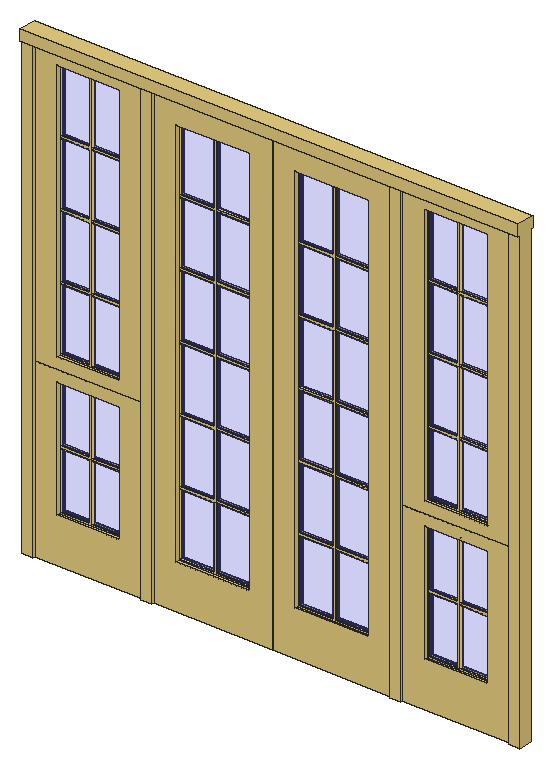
Revit family "DAL_A3-DTI-SL6", category Doors, host Wall, Revit 2016
Family settings
  Host = Wall
  Always vertical = Yes
  Cut with Voids When Loaded = No
  Shared = No
  Room Calculation Point = No
Parameters (values of type "SL6")
  URL = "www.acdoors.co.za"
  Panel Thickness = 44 mm
  Panel Material = Meranti Wood
  Panel Height = Height - Frame Width  # 2032 mm
  Offset = 100 mm
  Model = "AC Combination Sidelights"
  Middle = (Width / 4) - (Frame Width / 2)  # 526 mm
  Manufacturer Code = "SL6"
  Manufacturer = "AC Doors"
  Height = 2080 mm
  Wall Closure = By host
  Width = 2200 mm
  Glass Material = Glass
  Function = Interior
  Frame Width = 48 mm
  Frame Thickness = 60 mm
  Frame Material = Meranti Wood
  Assembly Code = "B2030230"
Reference planes
  plane 1 "Center": y = 0
  plane 2 "Center (Left/Right)": x = 0
  plane 3 "Left": x = -1100
  plane 4 "Right": x = 1100
  plane 5: z = 2080
  plane 6 "Exterior": y = 75
  plane 7 "Interior": y = -75
  plane 8: x = -550
  plane 9: x = 550
  plane 10: x = -1052
  plane 11: x = -574
  plane 12: x = 1052
  plane 13: x = -526
  plane 14: x = 526
  plane 15: x = 574
  plane 16: x = -263
  plane 17: x = 263
  plane 18: x = -813
  plane 19: x = 813
  plane 20: z = 463.667
  plane 21: z = 1116
  plane 22: z = 1404.667
  plane 23: z = 1693.333
  plane 24: z = 1982
  plane 25: z = 200
  plane 26: z = 727.333
  plane 27: z = 827.333
  plane 28: z = 777.333
  plane 29: z = 1932
  plane 30: z = 2032
  plane 31: z = 1643.333
  plane 32: z = 1354.667
  plane 33: z = 1066
  plane 34: z = 488.667
Forms (mm)
  Sweep 1, solid, material "Meranti Wood" <- "Frame Material", detail levels medium+fine
    path origin (0, 0, 0) x (1, 0, 0) y (0, 0, 1)
      loop
        line (1100, 2080) -> (1100, 0)
    profile origin (1100, 0, 1040) x (0, -1, 0) y (1, 0, 0)
      loop
        line (-30, -48) -> (30, -48) -> (30, 0) -> (-30, 0) -> (-30, -48)
  Sweep 2, solid, material "Meranti Wood" <- "Frame Material", detail levels medium+fine
    path origin (0, 0, 0) x (1, 0, 0) y (0, 0, 1)
      loop
        line (-1100, 0) -> (-1100, 2080)
    profile origin (-1100, 0, 1040) x (-1, 0, 0) y (0, -1, 0)
      loop
        line (0, -30) -> (0, 30) -> (-48, 30) -> (-48, -30) -> (0, -30)
  Sweep 3, solid, material "Meranti Wood" <- "Frame Material", detail levels medium+fine
    path origin (0, 0, 0) x (1, 0, 0) y (0, 0, 1)
      loop
        line (550, 0) -> (550, 2080)
    profile origin (550, 0, 1040) x (-1, 0, 0) y (0, -1, 0)
      loop
        line (24, -30) -> (24, 30) -> (-24, 30) -> (-24, -30) -> (24, -30)
  Sweep 4, solid, material "Meranti Wood" <- "Frame Material", detail levels medium+fine
    path origin (0, 0, 0) x (1, 0, 0) y (0, 0, 1)
      loop
        line (-550, 0) -> (-550, 2080)
    profile origin (-550, 0, 1040) x (-1, 0, 0) y (0, -1, 0)
      loop
        line (24, -30) -> (24, 30) -> (-24, 30) -> (-24, -30) -> (24, -30)
  Sweep 5, solid, material "Meranti Wood" <- "Frame Material", detail levels medium+fine
    path origin (0, 0, 0) x (1, 0, 0) y (0, 0, 1)
      loop
        line (1100, 2080) -> (-1100, 2080)
    profile origin (0, 0, 2080) x (0, 0, -1) y (0, -1, 0)
      loop
        line (0, -40) -> (48, -40) -> (48, 40) -> (0, 40) -> (0, -40)
  Extrusion 6, solid, material "Meranti Wood" <- "Frame Material", detail levels medium+fine
    sketch origin (0, 0, 0) x (1, 0, 0) y (0, 0, 1)
      loop
        line (574, 777.333) -> (574, 0) -> (1052, 0) -> (1052, 777.333) -> (574, 777.333)
      loop
        line (952, 727.333) -> (674, 727.333) -> (674, 200) -> (952, 200) -> (952, 727.333)
    from -22 to 22
  Extrusion 7, solid, material "Meranti Wood" <- "Frame Material", detail levels medium+fine
    sketch origin (0, 0, 0) x (1, 0, 0) y (0, 0, 1)
      loop
        line (1052, 2032) -> (574, 2032) -> (574, 777.333) -> (1052, 777.333) -> (1052, 2032)
      loop
        line (952, 1982) -> (674, 1982) -> (674, 827.333) -> (952, 827.333) -> (952, 1982)
    from -22 to 22
  Extrusion 8, solid, material "Meranti Wood" <- "Frame Material", detail levels medium+fine
    sketch origin (-1640, 0, 0) x (1, 0, 0) y (0, 0, 1)
      loop
        line (588, 777.333) -> (588, 0) -> (1066, 0) -> (1066, 777.333) -> (588, 777.333)
      loop
        line (966, 727.333) -> (688, 727.333) -> (688, 200) -> (966, 200) -> (966, 727.333)
    from -22 to 22
  Extrusion 9, solid, material "Meranti Wood" <- "Frame Material", detail levels medium+fine
    sketch origin (-1640, 0, 0) x (1, 0, 0) y (0, 0, 1)
      loop
        line (1066, 2032) -> (588, 2032) -> (588, 777.333) -> (1066, 777.333) -> (1066, 2032)
      loop
        line (966, 1982) -> (688, 1982) -> (688, 827.333) -> (966, 827.333) -> (966, 1982)
    from -22 to 22
  Sweep 10, solid, material "Meranti Wood" <- "Frame Material", detail levels medium+fine
    path origin (0, 0, 0) x (1, 0, 0) y (0, 0, 1)
      loop
        line (952, 463.667) -> (674, 463.667)
    profile "Glass Divider profile : Glass Divider profile" origin (813, 0, 463.667) x (0, 0, -1) y (0, -1, 0)
      loop
        line (0, 8) -> (-4.45, 8) -> (-8.45, 4) -> (-4.873, 4) -> (-4.873, -4) -> (-8.45, -4) -> (-4.45, -8) -> (0, -8) -> (4.45, -8) -> (8.45, -4) -> (4.873, -4) -> (4.873, 4) -> (8.45, 4) -> (4.45, 8) -> (0, 8)
  Sweep 11, solid, material "Meranti Wood" <- "Frame Material", detail levels medium+fine
    path origin (0, 0, 660) x (1, 0, 0) y (0, 0, 1)
      loop
        line (952, 456) -> (674, 456)
    profile "Glass Divider profile : Glass Divider profile" origin (813, 0, 1116) x (0, 0, -1) y (0, -1, 0)
      loop
        line (0, 8) -> (-4.45, 8) -> (-8.45, 4) -> (-4.873, 4) -> (-4.873, -4) -> (-8.45, -4) -> (-4.45, -8) -> (0, -8) -> (4.45, -8) -> (8.45, -4) -> (4.873, -4) -> (4.873, 4) -> (8.45, 4) -> (4.45, 8) -> (0, 8)
  Sweep 12, solid, material "Meranti Wood" <- "Frame Material", detail levels medium+fine
    path origin (0, 0, 900) x (1, 0, 0) y (0, 0, 1)
      loop
        line (952, 504.667) -> (674, 504.667)
    profile "Glass Divider profile : Glass Divider profile" origin (813, 0, 1404.667) x (0, 0, -1) y (0, -1, 0)
      loop
        line (0, 8) -> (-4.45, 8) -> (-8.45, 4) -> (-4.873, 4) -> (-4.873, -4) -> (-8.45, -4) -> (-4.45, -8) -> (0, -8) -> (4.45, -8) -> (8.45, -4) -> (4.873, -4) -> (4.873, 4) -> (8.45, 4) -> (4.45, 8) -> (0, 8)
  Sweep 13, solid, material "Meranti Wood" <- "Frame Material", detail levels medium+fine
    path origin (0, 0, 1180) x (1, 0, 0) y (0, 0, 1)
      loop
        line (952, 513.333) -> (674, 513.333)
    profile "Glass Divider profile : Glass Divider profile" origin (813, 0, 1693.333) x (0, 0, -1) y (0, -1, 0)
      loop
        line (0, 8) -> (-4.45, 8) -> (-8.45, 4) -> (-4.873, 4) -> (-4.873, -4) -> (-8.45, -4) -> (-4.45, -8) -> (0, -8) -> (4.45, -8) -> (8.45, -4) -> (4.873, -4) -> (4.873, 4) -> (8.45, 4) -> (4.45, 8) -> (0, 8)
  Sweep 14, solid, material "Meranti Wood" <- "Frame Material", detail levels medium+fine
    path origin (0, 0, 0) x (1, 0, 0) y (0, 0, 1)
      loop
        line (813, 200) -> (813, 727.333)
    profile "Glass Divider profile : Glass Divider profile" origin (813, 0, 463.667) x (-1, 0, 0) y (0, -1, 0)
      loop
        line (0, 8) -> (-4.45, 8) -> (-8.45, 4) -> (-4.873, 4) -> (-4.873, -4) -> (-8.45, -4) -> (-4.45, -8) -> (0, -8) -> (4.45, -8) -> (8.45, -4) -> (4.873, -4) -> (4.873, 4) -> (8.45, 4) -> (4.45, 8) -> (0, 8)
  Sweep 15, solid, material "Meranti Wood" <- "Frame Material", detail levels medium+fine
    path origin (0, 0, 0) x (1, 0, 0) y (0, 0, 1)
      loop
        line (813, 827.333) -> (813, 1982)
    profile "Glass Divider profile : Glass Divider profile" origin (813, 0, 1404.667) x (-1, 0, 0) y (0, -1, 0)
      loop
        line (0, 8) -> (-4.45, 8) -> (-8.45, 4) -> (-4.873, 4) -> (-4.873, -4) -> (-8.45, -4) -> (-4.45, -8) -> (0, -8) -> (4.45, -8) -> (8.45, -4) -> (4.873, -4) -> (4.873, 4) -> (8.45, 4) -> (4.45, 8) -> (0, 8)
  Sweep 16, solid, material "Meranti Wood" <- "Frame Material", detail levels medium+fine
    path origin (0, 0, 0) x (1, 0, 0) y (0, 0, 1)
      loop
        line (952, 1982) -> (674, 1982) -> (674, 827.333) -> (952, 827.333) -> (952, 1982)
    profile "Glass Suppurt profile : Glass Suppurt profile" origin (813, 0, 1982) x (0, 0, -1) y (0, -1, 0)
      loop
        line (0, -8) -> (4.45, -8) -> (8.45, -4) -> (4.873, -4) -> (4.873, 4) -> (8.45, 4) -> (4.45, 8) -> (0, 8) -> (0, -8)
  Sweep 17, solid, material "Meranti Wood" <- "Frame Material", detail levels medium+fine
    path origin (0, 0, 0) x (1, 0, 0) y (0, 0, 1)
      loop
        line (952, 727.333) -> (674, 727.333) -> (674, 200) -> (952, 200) -> (952, 727.333)
    profile "Glass Suppurt profile : Glass Suppurt profile" origin (813, 0, 727.333) x (0, 0, -1) y (0, -1, 0)
      loop
        line (0, -8) -> (4.45, -8) -> (8.45, -4) -> (4.873, -4) -> (4.873, 4) -> (8.45, 4) -> (4.45, 8) -> (0, 8) -> (0, -8)
  Sweep 18, solid, material "Meranti Wood" <- "Frame Material", detail levels medium+fine
    path origin (-1619.013, 0, -56.537) x (1, 0, 0) y (0, 0, 1)
      loop
        line (945.013, 520.204) -> (667.013, 520.204)
    profile "Glass Divider profile : Glass Divider profile" origin (-813, 0, 463.667) x (0, 0, -1) y (0, -1, 0)
      loop
        line (0, 8) -> (-4.45, 8) -> (-8.45, 4) -> (-4.873, 4) -> (-4.873, -4) -> (-8.45, -4) -> (-4.45, -8) -> (0, -8) -> (4.45, -8) -> (8.45, -4) -> (4.873, -4) -> (4.873, 4) -> (8.45, 4) -> (4.45, 8) -> (0, 8)
  Sweep 19, solid, material "Meranti Wood" <- "Frame Material", detail levels medium+fine
    path origin (-1619.013, 0, 603.463) x (1, 0, 0) y (0, 0, 1)
      loop
        line (945.013, 512.537) -> (667.013, 512.537)
    profile "Glass Divider profile : Glass Divider profile" origin (-813, 0, 1116) x (0, 0, -1) y (0, -1, 0)
      loop
        line (0, 8) -> (-4.45, 8) -> (-8.45, 4) -> (-4.873, 4) -> (-4.873, -4) -> (-8.45, -4) -> (-4.45, -8) -> (0, -8) -> (4.45, -8) -> (8.45, -4) -> (4.873, -4) -> (4.873, 4) -> (8.45, 4) -> (4.45, 8) -> (0, 8)
  Sweep 20, solid, material "Meranti Wood" <- "Frame Material", detail levels medium+fine
    path origin (-1619.013, 0, 843.463) x (1, 0, 0) y (0, 0, 1)
      loop
        line (945.013, 561.204) -> (667.013, 561.204)
    profile "Glass Divider profile : Glass Divider profile" origin (-813, 0, 1404.667) x (0, 0, -1) y (0, -1, 0)
      loop
        line (0, 8) -> (-4.45, 8) -> (-8.45, 4) -> (-4.873, 4) -> (-4.873, -4) -> (-8.45, -4) -> (-4.45, -8) -> (0, -8) -> (4.45, -8) -> (8.45, -4) -> (4.873, -4) -> (4.873, 4) -> (8.45, 4) -> (4.45, 8) -> (0, 8)
  Sweep 21, solid, material "Meranti Wood" <- "Frame Material", detail levels medium+fine
    path origin (-1619.013, 0, 1123.463) x (1, 0, 0) y (0, 0, 1)
      loop
        line (945.013, 569.871) -> (667.013, 569.871)
    profile "Glass Divider profile : Glass Divider profile" origin (-813, 0, 1693.333) x (0, 0, -1) y (0, -1, 0)
      loop
        line (0, 8) -> (-4.45, 8) -> (-8.45, 4) -> (-4.873, 4) -> (-4.873, -4) -> (-8.45, -4) -> (-4.45, -8) -> (0, -8) -> (4.45, -8) -> (8.45, -4) -> (4.873, -4) -> (4.873, 4) -> (8.45, 4) -> (4.45, 8) -> (0, 8)
  Sweep 22, solid, material "Meranti Wood" <- "Frame Material", detail levels medium+fine
    path origin (-1619.013, 0, -56.537) x (1, 0, 0) y (0, 0, 1)
      loop
        line (806.013, 256.537) -> (806.013, 783.871)
    profile "Glass Divider profile : Glass Divider profile" origin (-813, 0, 463.667) x (-1, 0, 0) y (0, -1, 0)
      loop
        line (0, 8) -> (-4.45, 8) -> (-8.45, 4) -> (-4.873, 4) -> (-4.873, -4) -> (-8.45, -4) -> (-4.45, -8) -> (0, -8) -> (4.45, -8) -> (8.45, -4) -> (4.873, -4) -> (4.873, 4) -> (8.45, 4) -> (4.45, 8) -> (0, 8)
  Sweep 23, solid, material "Meranti Wood" <- "Frame Material", detail levels medium+fine
    path origin (-1619.013, 0, -56.537) x (1, 0, 0) y (0, 0, 1)
      loop
        line (806.013, 883.871) -> (806.013, 2038.537)
    profile "Glass Divider profile : Glass Divider profile" origin (-813, 0, 1404.667) x (-1, 0, 0) y (0, -1, 0)
      loop
        line (0, 8) -> (-4.45, 8) -> (-8.45, 4) -> (-4.873, 4) -> (-4.873, -4) -> (-8.45, -4) -> (-4.45, -8) -> (0, -8) -> (4.45, -8) -> (8.45, -4) -> (4.873, -4) -> (4.873, 4) -> (8.45, 4) -> (4.45, 8) -> (0, 8)
  Sweep 24, solid, material "Meranti Wood" <- "Frame Material", detail levels medium+fine
    path origin (-1619.013, 0, -56.537) x (1, 0, 0) y (0, 0, 1)
      loop
        line (945.013, 2038.537) -> (667.013, 2038.537) -> (667.013, 883.871) -> (945.013, 883.871) -> (945.013, 2038.537)
    profile "Glass Suppurt profile : Glass Suppurt profile" origin (-813, 0, 1982) x (0, 0, -1) y (0, -1, 0)
      loop
        line (0, -8) -> (4.45, -8) -> (8.45, -4) -> (4.873, -4) -> (4.873, 4) -> (8.45, 4) -> (4.45, 8) -> (0, 8) -> (0, -8)
  Sweep 25, solid, material "Meranti Wood" <- "Frame Material", detail levels medium+fine
    path origin (-1619.013, 0, -56.537) x (1, 0, 0) y (0, 0, 1)
      loop
        line (945.013, 783.871) -> (667.013, 783.871) -> (667.013, 256.537) -> (945.013, 256.537) -> (945.013, 783.871)
    profile "Glass Suppurt profile : Glass Suppurt profile" origin (-813, 0, 727.333) x (0, 0, -1) y (0, -1, 0)
      loop
        line (0, -8) -> (4.45, -8) -> (8.45, -4) -> (4.873, -4) -> (4.873, 4) -> (8.45, 4) -> (4.45, 8) -> (0, 8) -> (0, -8)
  Extrusion 26, solid, material "Glass" <- "Glass Material", detail levels medium+fine
    sketch origin (0, 0, 0) x (1, 0, 0) y (0, 1, 0)
      loop
        line (-947.127, 4) -> (-947.127, -4) -> (-817.873, -4) -> (-817.873, 4) -> (-947.127, 4)
      loop
        line (-808.127, 4) -> (-808.127, -4) -> (-678.873, -4) -> (-678.873, 4) -> (-808.127, 4)
      loop
        line (678.873, 4) -> (678.873, -4) -> (808.127, -4) -> (808.127, 4) -> (678.873, 4)
      loop
        line (817.873, 4) -> (817.873, -4) -> (947.127, -4) -> (947.127, 4) -> (817.873, 4)
    from 204.873 to 1977.127
Cuts and joins
  joined: Sweep 1, Sweep 2, Sweep 3, Sweep 4, Sweep 5
  joined: Sweep 10, Sweep 14, Sweep 17
  joined: Sweep 11, Sweep 12, Sweep 13, Sweep 15, Sweep 16
  joined: Sweep 18, Sweep 22, Sweep 25
  joined: Sweep 19, Sweep 20, Sweep 21, Sweep 23, Sweep 24
Lines and regions (mm)
  Opening 1
    outline origin (-3050, -75, 0) x (1, 0, 0) y (0, 0, 1)
      loop
        line (1950, 0) -> (4150, 0) -> (4150, 2080) -> (1950, 2080) -> (1950, 0)
  symbolic lines, style "Elevation Swing"
    curve 1: line (526, 0, 2032) -> (0, 0, 1016)
    curve 2: line (526, 0, 0) -> (0, 0, 1016)
    curve 3: line (-526, 0, 2032) -> (0, 0, 1016)
    curve 4: line (-526, 0, 0) -> (0, 0, 1016)
  symbolic lines, style "Plan Swing"
    curve 5: line (-526, 22, 0) -> (-526, 548, 0)
    curve 6: line (-482, 22, 0) -> (-482, 548, 0)
    curve 7: line (-482, 548, 0) -> (-526, 548, 0)
    curve 8: line (526, 22, 0) -> (526, 548, 0)
    curve 9: line (526, 548, 0) -> (482, 548, 0)
    curve 10: line (482, 548, 0) -> (482, 22, 0)
    curve 11: arc (-526, 548, 0) -> (-154.062, 393.938, 0) -> (0, 22, 0) r 526
    curve 12: arc (526, 548, 0) -> (154.062, 393.938, 0) -> (0, 22, 0) r 526
Text (mm)
  text "Exterior" at (-2295.016, 1099.543, 0), in view "Ref. Level"
  text "Exterior" at (0, 1615.38, 3698.081), in view "Left"
  text "Exterior" at (0, 1036.032, 3874.932), in view "Right"
Dimensions and locks
  equal spacing: plane 3 "Left", plane 8, plane 2 "Center (Left/Right)", plane 9, plane 4 "Right"
  "Width": plane 3 "Left" to plane 4 "Right"
  "Height": plane 5 to host wall
  locked: plane 6 "Exterior" to host wall at 0
  locked: plane 7 "Interior" to host wall
  "Frame Width": plane 3 "Left" to plane 10
  equal spacing: plane 11, plane 8, plane 13
  equal spacing: plane 14, plane 9, plane 15
  "Frame Width": plane 12 to plane 4 "Right"
  "Frame Width": plane 14 to plane 15
  "Frame Width": plane 11 to plane 13
  equal spacing: Sweep 1 sketch curve, profile plane, Sweep 1 sketch curve
  "Frame Thickness": Sweep 1 sketch curve to Sweep 1 sketch curve
  equal spacing: Sweep 2 sketch curve, profile plane, Sweep 2 sketch curve
  "Frame Thickness": Sweep 2 sketch curve to Sweep 2 sketch curve
  equal spacing: Sweep 3 sketch curve, profile plane, Sweep 3 sketch curve
  "Frame Thickness": Sweep 3 sketch curve to Sweep 3 sketch curve
  equal spacing: Sweep 4 sketch curve, profile plane, Sweep 4 sketch curve
  "Frame Thickness": Sweep 4 sketch curve to Sweep 4 sketch curve
  "Frame Width": Sweep 5 sketch curve to Sweep 5 sketch curve
  locked: Sweep 5 sketch curve to Sweep 2 at 10
  locked: Sweep 2 to Sweep 5 sketch curve at 10
  equal spacing: plane 13, plane 16, plane 2 "Center (Left/Right)"
  equal spacing: plane 2 "Center (Left/Right)", plane 17, plane 14
  equal spacing: plane 10, plane 18, plane 11
  equal spacing: plane 12, plane 19, plane 15
  locked: Extrusion 6 sketch curve to Extrusion 6 sketch curve at 50
  "Offset": Extrusion 6 sketch curve to Extrusion 6 sketch curve  (x2)
  locked: Extrusion 7 sketch curve to Extrusion 7 sketch curve at 50  (x2)
  Extrusion 8 sketch curve to Extrusion 8 sketch curve = 50 mm
  "Offset": Extrusion 8 sketch curve to Extrusion 8 sketch curve  (x2)
  locked: Extrusion 9 sketch curve to Extrusion 9 sketch curve at 50  (x2)
  equal spacing: plane 25, plane 20, plane 26
  equal spacing: plane 27, plane 21, plane 22, plane 23, plane 24
  locked: level to plane 25 at 200
  locked: plane 24 to plane 5 at 98
  "Offset": plane 29 to plane 30
  "Frame Width": plane 30 to plane 5
  equal spacing: plane 25, plane 34, plane 28, plane 33, plane 32, plane 31, plane 29
  locked: plane 26 to plane 28 at 50
  locked: plane 28 to plane 27 at 50
  "Panel Thickness": curve 5 to curve 6
  "Panel Thickness": curve 10 to curve 8
  "Middle": curve 7 to nested 1
  aligned and locked: plane 3 "Left" to Opening 1 sketch curve
  aligned and locked: plane 5 to Opening 1 sketch curve  (x2)
  aligned and locked: Opening 1 sketch curve to plane 4 "Right"
  aligned and locked: Opening 1 sketch curve to level
  aligned and locked: plane 1 "Center" to host wall
  aligned and locked: Sweep 1 sketch curve to plane 4 "Right"
  aligned and locked: plane 5 to Sweep 1 sketch curve
  aligned and locked: level to Sweep 1 sketch curve
  aligned and locked: profile plane to Sweep 1 sketch curve
  aligned and locked: Sweep 1 sketch curve to plane 12
  aligned and locked: plane 5 to Sweep 2 sketch curve
  aligned and locked: level to Sweep 2 sketch curve
  aligned and locked: plane 3 "Left" to Sweep 2 sketch curve
  aligned and locked: profile plane to Sweep 2 sketch curve
  aligned and locked: Sweep 2 sketch curve to plane 10
  aligned and locked: plane 5 to Sweep 3 sketch curve
  aligned and locked: level to Sweep 3 sketch curve
  aligned and locked: Sweep 3 sketch curve to plane 9
  aligned and locked: plane 15 to Sweep 3 sketch curve
  aligned and locked: plane 14 to Sweep 3 sketch curve
  aligned and locked: plane 5 to Sweep 4 sketch curve
  aligned and locked: level to Sweep 4 sketch curve
  aligned and locked: Sweep 4 sketch curve to plane 8
  aligned and locked: plane 11 to Sweep 4 sketch curve
  aligned and locked: plane 13 to Sweep 4 sketch curve
  aligned and locked: plane 3 "Left" to Sweep 5 sketch curve
  aligned and locked: plane 4 "Right" to Sweep 5 sketch curve
  aligned and locked: plane 5 to Sweep 5 sketch curve
  aligned and locked: Sweep 5 sketch curve to profile plane
  aligned and locked: plane 16 to nested 1
  aligned and locked: plane 1 "Center" to nested 1
  aligned and locked: plane 17 to nested 2
  aligned and locked: plane 1 "Center" to nested 2
  aligned and locked: curve 1 to cut or joined group of Sweep 1, Sweep 2, Sweep 3, Sweep 4, Sweep 5
  aligned and locked: nested 1 to curve 1
  aligned and locked: cut or joined group of Sweep 1, Sweep 2, Sweep 3, Sweep 4, Sweep 5 to curve 2
  aligned and locked: cut or joined group of Sweep 1, Sweep 2, Sweep 3, Sweep 4, Sweep 5 to curve 3
  aligned and locked: curve 4 to cut or joined group of Sweep 1, Sweep 2, Sweep 3, Sweep 4, Sweep 5
  aligned and locked: nested 2 to Extrusion 6 sketch curve
  aligned and locked: cut or joined group of Sweep 1, Sweep 2, Sweep 3, Sweep 4, Sweep 5 to Extrusion 7 sketch curve
  aligned and locked: Extrusion 6 to Extrusion 7 sketch curve  (x2)
  aligned and locked: plane 12 to Extrusion 7 sketch curve
  aligned and locked: Extrusion 7 sketch curve to plane 15
  aligned and locked: Extrusion 7 sketch curve to Extrusion 6
  aligned and locked: Extrusion 9 sketch curve to Extrusion 8  (x2)
  aligned and locked: Extrusion 8 to Extrusion 9 sketch curve
  aligned and locked: Extrusion 8 sketch curve to plane 10
  aligned and locked: plane 11 to Extrusion 8 sketch curve
  aligned and locked: Extrusion 8 sketch curve to level
  aligned and locked: Extrusion 8 sketch curve to Extrusion 7
  aligned and locked: cut or joined group of Sweep 1, Sweep 2, Sweep 3, Sweep 4, Sweep 5 to Extrusion 9 sketch curve
  aligned and locked: Extrusion 9 sketch curve to plane 11
  aligned and locked: plane 10 to Extrusion 9 sketch curve
  aligned and locked: nested 1 to Extrusion 9
  aligned and locked: nested 1 to Extrusion 8
  aligned and locked: Extrusion 9 to nested 1
  aligned and locked: Extrusion 8 to nested 1
  aligned and locked: Extrusion 7 to nested 2
  aligned and locked: Extrusion 6 to nested 2
  aligned and locked: nested 2 to Extrusion 7
  aligned and locked: nested 2 to Extrusion 6
  aligned and locked: Extrusion 6 sketch curve to plane 28
  aligned and locked: Extrusion 6 to Sweep 10 sketch curve  (x2)
  aligned and locked: Sweep 10 sketch curve to plane 20
  aligned and locked: Sweep 11 sketch curve to plane 21
  aligned and locked: Extrusion 7 to Sweep 11 sketch curve  (x2)
  aligned and locked: Sweep 12 sketch curve to plane 22
  aligned and locked: Extrusion 7 to Sweep 12 sketch curve  (x2)
  aligned and locked: Sweep 13 sketch curve to plane 23
  aligned and locked: Extrusion 7 to Sweep 13 sketch curve  (x2)
  aligned and locked: plane 25 to Sweep 14 sketch curve
  aligned and locked: plane 26 to Sweep 14 sketch curve
  aligned and locked: plane 19 to Sweep 14 sketch curve
  aligned and locked: plane 24 to Sweep 15 sketch curve
  aligned and locked: plane 27 to Sweep 15 sketch curve
  aligned and locked: plane 19 to Sweep 15 sketch curve
  aligned and locked: Extrusion 7 to Sweep 16 sketch curve
  aligned and locked: Sweep 16 sketch curve to Extrusion 7  (x3)
  aligned and locked: Extrusion 6 to Sweep 17 sketch curve
  aligned and locked: Sweep 17 sketch curve to Extrusion 6  (x3)
  aligned and locked: Extrusion 8 to Sweep 18 sketch curve  (x2)
  aligned and locked: Sweep 18 sketch curve to plane 20
  aligned and locked: Extrusion 8 to Sweep 22 sketch curve
  aligned and locked: plane 25 to Sweep 22 sketch curve
  aligned and locked: Sweep 22 sketch curve to plane 18
  aligned and locked: Sweep 25 sketch curve to Extrusion 8  (x3)
  aligned and locked: Sweep 25 sketch curve to plane 25
  aligned and locked: Extrusion 9 to Sweep 19 sketch curve  (x2)
  aligned and locked: Sweep 19 sketch curve to plane 21
  aligned and locked: Extrusion 9 to Sweep 20 sketch curve  (x2)
  aligned and locked: Sweep 20 sketch curve to plane 22
  aligned and locked: Extrusion 9 to Sweep 21 sketch curve  (x2)
  aligned and locked: Sweep 21 sketch curve to plane 23
  aligned and locked: Sweep 24 sketch curve to Extrusion 9  (x4)
  aligned and locked: Extrusion 9 to Sweep 23 sketch curve  (x2)
  aligned and locked: Sweep 23 sketch curve to plane 18
  aligned and locked: Extrusion 26 sketch curve to cut or joined group of Sweep 18, Sweep 22, Sweep 25  (x5)
  aligned and locked: cut or joined group of Sweep 18, Sweep 22, Sweep 25 to Extrusion 26 sketch curve  (x3)
  aligned and locked: cut or joined group of Sweep 10, Sweep 14, Sweep 17 to Extrusion 26 sketch curve  (x2)
  aligned and locked: Extrusion 26 sketch curve to cut or joined group of Sweep 10, Sweep 14, Sweep 17  (x5)
  aligned and locked: Extrusion 26 to cut or joined group of Sweep 19, Sweep 20, Sweep 21, Sweep 23, Sweep 24
  aligned and locked: Extrusion 26 to nested 1
  aligned and locked: curve 9 to curve 7
Automatic sketch dimensions
  curve 4 to level = 0 mm
  curve 2 to level = 0 mm
  level to curve 2 = 1016 mm
  plane 5 to curve 3 = 48 mm
  plane 5 to curve 1 = 48 mm
  Extrusion 6 sketch curve to level = 0 mm
  Extrusion 6 sketch curve to plane 15 = 0 mm
  Extrusion 6 sketch curve to plane 12 = 0 mm
  level to Extrusion 8 sketch curve = 200 mm
  host wall to Extrusion 26 sketch curve = 4 mm
  curve 5 to plane 13 = 0 mm
  curve 12 to plane 2 "Center (Left/Right)" = 0 mm
  curve 8 to plane 14 = 0 mm
  curve 6 to host wall = 22 mm
  curve 5 to curve 11 = 0 mm
  curve 10 to host wall = 22 mm
  curve 8 to curve 12 = 0 mm
Nested families
  nested 1: "D6-6B" at (-279.973, 4.38, 0), type "D6-6B", detail levels medium+fine
    with Panel Width 526 mm, Panel Height 2032 mm
  nested 2: "D6-6B" at (246.027, 4.38, 0), type "D6-6B", detail levels medium+fine
    with Panel Width 526 mm, Panel Height 2032 mm
Definition of nested family "D6-6B"
  Parameters
    Panel Width = 610 mm
    Panel Thickess = 44 mm
    Panel Material = none
    Panel Height = 2030 mm
    Offset = 100 mm
    Glass Material = none
  Reference planes
    plane 1 "Center (Front/Back)": y = -4.38
    plane 2: z = 0
    plane 3 "Center (Left/Right)": x = 16.973
    plane 4: y = 17.62
    plane 5: y = -26.38
    plane 6: x = -288.027
    plane 7: x = 321.973
    plane 8: z = 2030
    plane 9: x = -188.027
    plane 10: z = 1930
    plane 11: z = 200
    plane 12: x = 221.973
    plane 13: z = 1925.127
    plane 14: z = 204.873
    plane 15: z = 1641.667
    plane 16: z = 1353.333
    plane 17: z = 1065
    plane 18: z = 776.667
    plane 19: z = 488.333
  Forms (mm)
    Sweep 1, solid, material <- "Panel Material"
      path origin (0, -4.38, 0) x (1, 0, 0) y (0, 0, 1)
        loop
          line (-288.027, 0) -> (-288.027, 2030) -> (321.973, 2030) -> (321.973, 0)
      profile origin (16.973, -4.38, 2030) x (0, 0, 1) y (0, -1, 0)
        loop
          line (0, -22) -> (0, 22) -> (-100, 22) -> (-100, -22) -> (0, -22)
    Sweep 2, solid, material <- "Panel Material"
      path origin (0, -4.38, 0) x (1, 0, 0) y (0, 0, 1)
        loop
          line (-188.027, 200) -> (221.973, 200)
      profile origin (16.973, -4.38, 200) x (0, 0, 1) y (0, -1, 0)
        loop
          line (0, -22) -> (0, 22) -> (-200, 22) -> (-200, -22) -> (0, -22)
    Sweep 3, solid, material <- "Panel Material"
      path origin (0, -4.38, 0) x (1, 0, 0) y (0, 0, 1)
        loop
          line (-188.027, 1930) -> (-188.027, 200) -> (221.973, 200) -> (221.973, 1930) -> (-188.027, 1930)
      profile "Glass Suppurt profile : Glass Suppurt profile" origin (16.973, -4.38, 1930) x (0, 0, 1) y (0, -1, 0)
        loop
          line (0, 8) -> (-4.45, 8) -> (-8.45, 4) -> (-4.873, 4) -> (-4.873, -4) -> (-8.45, -4) -> (-4.45, -8) -> (0, -8) -> (0, 8)
    Extrusion 4, solid, material <- "Glass Material"
      sketch origin (0, 0, 0) x (1, 0, 0) y (0, 1, 0)
        loop
          line (-183.155, -0.38) -> (-183.155, -8.38) -> (12.1, -8.38) -> (12.1, -0.38) -> (-183.155, -0.38)
        loop
          line (217.1, -8.38) -> (217.1, -0.38) -> (21.845, -0.38) -> (21.845, -8.38) -> (217.1, -8.38)
      from 204.873 to 1925.127
    Sweep 5, solid, material <- "Panel Material"
      path origin (0, -4.38, 0) x (1, 0, 0) y (0, 0, 1)
        loop
          line (16.973, 1930) -> (16.973, 200)
      profile "Glass Divider profile : Glass Divider profile" origin (16.973, -4.38, 1065) x (1, 0, 0) y (0, -1, 0)
        loop
          line (0, -8) -> (4.45, -8) -> (8.45, -4) -> (4.873, -4) -> (4.873, 4) -> (8.45, 4) -> (4.45, 8) -> (0, 8) -> (-4.45, 8) -> (-8.45, 4) -> (-4.873, 4) -> (-4.873, -4) -> (-8.45, -4) -> (-4.45, -8) -> (0, -8)
    Sweep 6, solid, material <- "Panel Material"
      path origin (-1048.027, -4.38, 1081.973) x (0, 0, -1) y (1, 0, 0)
        loop
          line (16.973, 1270) -> (16.973, 860)
      profile "Glass Divider profile : Glass Divider profile" origin (16.973, -4.38, 1065) x (0, 0, -1) y (0, -1, 0)
        loop
          line (0, -8) -> (4.45, -8) -> (8.45, -4) -> (4.873, -4) -> (4.873, 4) -> (8.45, 4) -> (4.45, 8) -> (0, 8) -> (-4.45, 8) -> (-8.45, 4) -> (-4.873, 4) -> (-4.873, -4) -> (-8.45, -4) -> (-4.45, -8) -> (0, -8)
    Sweep 7, solid, material <- "Panel Material"
      path origin (-1048.027, -4.38, 1370.306) x (0, 0, -1) y (1, 0, 0)
        loop
          line (16.973, 1270) -> (16.973, 860)
      profile "Glass Divider profile : Glass Divider profile" origin (16.973, -4.38, 1353.333) x (0, 0, -1) y (0, -1, 0)
        loop
          line (0, -8) -> (4.45, -8) -> (8.45, -4) -> (4.873, -4) -> (4.873, 4) -> (8.45, 4) -> (4.45, 8) -> (0, 8) -> (-4.45, 8) -> (-8.45, 4) -> (-4.873, 4) -> (-4.873, -4) -> (-8.45, -4) -> (-4.45, -8) -> (0, -8)
    Sweep 8, solid, material <- "Panel Material"
      path origin (-1048.027, -4.38, 1610.306) x (0, 0, -1) y (1, 0, 0)
        loop
          line (-31.361, 1270) -> (-31.361, 860)
      profile "Glass Divider profile : Glass Divider profile" origin (16.973, -4.38, 1641.667) x (0, 0, -1) y (0, -1, 0)
        loop
          line (0, -8) -> (4.45, -8) -> (8.45, -4) -> (4.873, -4) -> (4.873, 4) -> (8.45, 4) -> (4.45, 8) -> (0, 8) -> (-4.45, 8) -> (-8.45, 4) -> (-4.873, 4) -> (-4.873, -4) -> (-8.45, -4) -> (-4.45, -8) -> (0, -8)
    Sweep 9, solid, material <- "Panel Material"
      path origin (-1048.027, -4.38, 870.306) x (0, 0, -1) y (1, 0, 0)
        loop
          line (93.639, 1270) -> (93.639, 860)
      profile "Glass Divider profile : Glass Divider profile" origin (16.973, -4.38, 776.667) x (0, 0, -1) y (0, -1, 0)
        loop
          line (0, -8) -> (4.45, -8) -> (8.45, -4) -> (4.873, -4) -> (4.873, 4) -> (8.45, 4) -> (4.45, 8) -> (0, 8) -> (-4.45, 8) -> (-8.45, 4) -> (-4.873, 4) -> (-4.873, -4) -> (-8.45, -4) -> (-4.45, -8) -> (0, -8)
    Sweep 10, solid, material <- "Panel Material"
      path origin (-1021.881, -4.38, 571.448) x (0, 0, -1) y (1, 0, 0)
        loop
          line (83.114, 1243.853) -> (83.114, 833.853)
      profile "Glass Divider profile : Glass Divider profile" origin (16.973, -4.38, 488.333) x (0, 0, -1) y (0, -1, 0)
        loop
          line (0, -8) -> (4.45, -8) -> (8.45, -4) -> (4.873, -4) -> (4.873, 4) -> (8.45, 4) -> (4.45, 8) -> (0, 8) -> (-4.45, 8) -> (-8.45, 4) -> (-4.873, 4) -> (-4.873, -4) -> (-8.45, -4) -> (-4.45, -8) -> (0, -8)
  Cuts and joins
    joined: Sweep 1, Sweep 2
    joined: Sweep 3, Sweep 5, Sweep 6, Sweep 7, Sweep 8, Sweep 9, Sweep 10
  Dimensions and locks
    equal spacing: plane 6, plane 3 "Center (Left/Right)", plane 7
    "Panel Width": plane 6 to plane 7
    equal spacing: plane 4, plane 1 "Center (Front/Back)", plane 5
    "Panel Thickess": plane 4 to plane 5
    locked: plane 11 to level at 200
    "Offset": plane 8 to plane 10
    "Offset": plane 9 to plane 6
    "Offset": plane 12 to plane 7
    "Panel Height": plane 8 to plane 2
    plane 13 to plane 10 = 4.873 mm
    plane 14 to plane 11 = 4.873 mm
    equal spacing: plane 10, plane 15, plane 16, plane 17, plane 18, plane 19, plane 11
    aligned and locked: Sweep 1 sketch curve to plane 8
    aligned and locked: Sweep 1 sketch curve to plane 6
    aligned and locked: Sweep 1 sketch curve to plane 7
    aligned and locked: level to Sweep 1 sketch curve  (x2)
    aligned and locked: plane 4 to Sweep 1 sketch curve
    aligned and locked: Sweep 1 sketch curve to profile plane
    aligned and locked: plane 10 to Sweep 1 sketch curve
    aligned and locked: Sweep 1 sketch curve to plane 5
    aligned and locked: plane 9 to Sweep 2 sketch curve
    aligned and locked: plane 12 to Sweep 2 sketch curve
    aligned and locked: Sweep 2 sketch curve to plane 11
    aligned and locked: plane 4 to Sweep 2 sketch curve
    aligned and locked: Sweep 2 sketch curve to profile plane
    aligned and locked: Sweep 2 sketch curve to Sweep 1
    aligned and locked: Sweep 1 to Sweep 2 sketch curve
    aligned and locked: Sweep 3 sketch curve to Sweep 1  (x2)
    aligned and locked: Sweep 2 to Sweep 3 sketch curve
    aligned and locked: Sweep 3 sketch curve to Sweep 2
    aligned and locked: Extrusion 4 sketch curve to Sweep 3  (x3)
    aligned and locked: Sweep 3 to Extrusion 4 sketch curve
    aligned and locked: Extrusion 4 to plane 13
    aligned and locked: plane 14 to Extrusion 4
    aligned and locked: plane 10 to Sweep 5 sketch curve
    aligned and locked: plane 11 to Sweep 5 sketch curve
    aligned and locked: Sweep 5 sketch curve to plane 3 "Center (Left/Right)"
    aligned and locked: plane 9 to Sweep 10 sketch curve
    aligned and locked: plane 12 to Sweep 10 sketch curve
    aligned and locked: plane 19 to Sweep 10 sketch curve
    aligned and locked: plane 9 to Sweep 9 sketch curve
    aligned and locked: plane 12 to Sweep 9 sketch curve
    aligned and locked: plane 18 to Sweep 9 sketch curve
    aligned and locked: plane 9 to Sweep 6 sketch curve
    aligned and locked: plane 12 to Sweep 6 sketch curve
    aligned and locked: plane 17 to Sweep 6 sketch curve
    aligned and locked: plane 12 to Sweep 7 sketch curve
    aligned and locked: plane 9 to Sweep 7 sketch curve
    aligned and locked: plane 16 to Sweep 7 sketch curve
    aligned and locked: plane 9 to Sweep 8 sketch curve
    aligned and locked: plane 12 to Sweep 8 sketch curve
    aligned and locked: plane 15 to Sweep 8 sketch curve
    aligned and locked: Extrusion 4 sketch curve to Sweep 5  (x2)
  Automatic sketch dimensions
    Extrusion 4 sketch curve to plane 1 "Center (Front/Back)" = 4 mm
    plane 1 "Center (Front/Back)" to Extrusion 4 sketch curve = 4 mm
